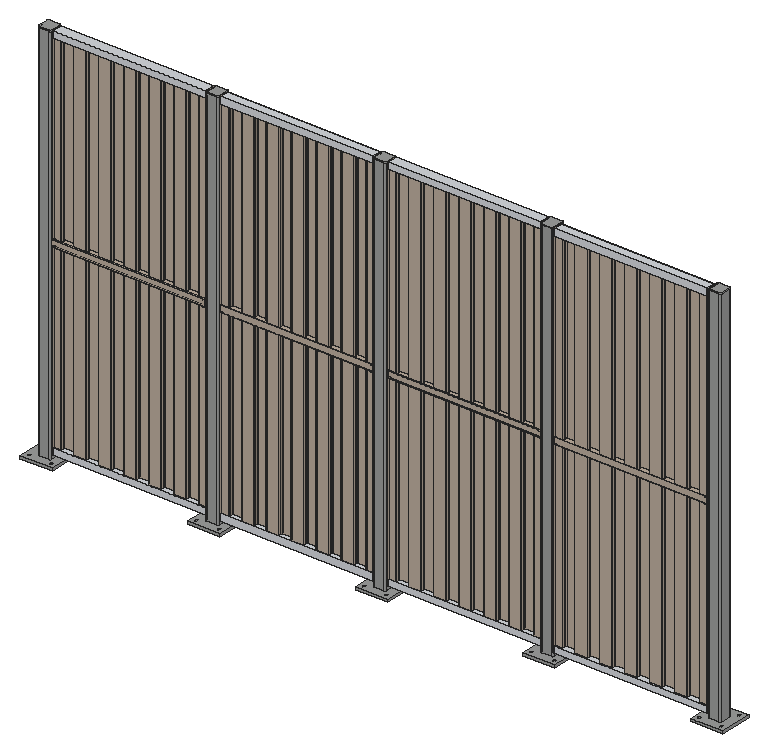
Revit family "Palmshield-Palisade-Fortress-Array", category Specialty Equipment, Revit 2025 (continued)
Definition of nested family "Nested-Pickets-Palmshield-Palisade"
  Dimensions and locks (in)
    "Width": plane 3 "Center (Left/Right)" to plane 6
    equal spacing: plane 3 "Center (Left/Right)", plane 7, plane 6
    locked: Extrusion 3 sketch curve to plane 1 "Center (Front/Back)" at 0.92114
    locked: plane 1 "Center (Front/Back)" to plane 5 at 4
    "Real Height": plane 8 to plane 5
    locked: plane 9 to plane 5 at 2
    aligned and locked: plane 2 to Extrusion 1
    aligned and locked: level to Extrusion 1
    aligned and locked: plane 1 "Center (Front/Back)" to Sweep 2 sketch curve
    aligned and locked: plane 4 to Sweep 2 sketch curve
    aligned and locked: plane 6 to Extrusion 3 sketch curve
    aligned and locked: plane 3 "Center (Left/Right)" to Extrusion 3 sketch curve
    aligned and locked: Extrusion 3 to level
    aligned and locked: plane 4 to Extrusion 3
    aligned and locked: Extrusion 3 sketch curve to plane 8
  Automatic sketch dimensions
    Extrusion 1 sketch curve to Extrusion 1 sketch curve = 8' - 0"  (x2)
    Sweep 2 sketch curve to level = 0' - 0"
Definition of nested family "Nested-Cont_Alum_Horizontal-Palmshield-Palisade"
  Parameters (values of type "CONT. ALUM FB 1/4" X 3"")
    Width = 0' - 2"  # constant formula
    Warranty URL = "https://palmshieldlouvers.com/wp-content/uploads/2020/01/PalmSHIELD-Warranty-NO-SIGN-LINE.pdf"
    Version = "2020 - v1.0a"  # constant formula
    URL = "https://palmshieldlouvers.com/"
    Thickness = 0' - 0 1/8"  # constant formula
    Product Page URL = "https://palmshieldlouvers.com/products/palisade-louvers/"
    Product Documentation Link = "https://palmshieldlouvers.com/cad-drawings/palisade-louvers/"
    Model = "Palisade"  # constant formula
    Material [instance] = none
    Manufacturer Phone Number = "531-329-4406 "  # constant formula
    Manufacturer Fax Number = "Consult Manufacturer Website for More Information"  # constant formula
    Manufacturer Email = "mailto: info@palmshieldlouvers.com"
    Manufacturer Address = "12330 Cary Circle, La Vista, NE 68128"  # constant formula
    Manufacturer = "PalmSHIELD"  # constant formula
    Length [instance] = 4' - 4.86713"
    Keynote = "05 10 00"
    ID [instance] = ""
    Height = 0' - 3"  # constant formula
    Description = "Palisade - Cont Alum"  # constant formula
    Default Elevation = 4' - 0"
    Copyright = "©2023 The American Fence Company and PalmSHIELD. All Rights Reserved."  # constant formula
    Component Name [instance] = ""
    Assembly Code = "F1020100"
  Reference planes (in)
    plane 1 "Center (Front/Back)": y = 0
    plane 2: z = 0
    plane 3 "Center (Left/Right)": x = 0
    plane 4: x = 2
    plane 5: y = -52.86713
    plane 6: z = 3
    plane 7: y = -52.86713
    plane 8: x = 1
  Forms (in)
    Extrusion 1, solid
      sketch origin (0, 0, 0) x (1, 0, 0) y (0, 1, 0)
        loop
          line (-48, 48) -> (-48, -48) -> (48, -48) -> (48, 48) -> (-48, 48)
      from 0 to -12
    Extrusion 2, solid, material <- "Material"
      sketch origin (0, 0, 0) x (1, 0, 0) y (0, 0, 1)
        loop
          arc (0.09965, 3) -> (0.02919, 2.97081) -> (0, 2.90035) r 0.09965
          line (0, 2.90035) -> (0, 0.10156)
          arc (0, 0.10156) -> (0.02975, 0.02975) -> (0.10156, 0) r 0.10156
          line (0.10156, 0) -> (1.89844, 0)
          arc (1.89844, 0) -> (1.97025, 0.02975) -> (2, 0.10156) r 0.10156
          line (2, 0.10156) -> (2, 2.89844)
          arc (2, 2.89844) -> (1.97025, 2.97025) -> (1.89844, 3) r 0.10156
          line (1.89844, 3) -> (0.09965, 3)
        loop
          line (0.125, 0.125) -> (1.875, 0.125) -> (1.875, 2.875) -> (0.125, 2.875) -> (0.125, 0.125)
      from 0 to 52.86713
  Dimensions and locks (in)
    "Width": plane 3 "Center (Left/Right)" to plane 4
    "Length": plane 1 "Center (Front/Back)" to plane 5
    "Height": plane 6 to plane 2
    "Thickness": Extrusion 2 sketch curve to plane 3 "Center (Left/Right)"
    "Thickness": plane 6 to Extrusion 2 sketch curve
    "Thickness": plane 4 to Extrusion 2 sketch curve
    "Thickness": Extrusion 2 sketch curve to plane 2
    "Length": plane 1 "Center (Front/Back)" to plane 7
    equal spacing: plane 3 "Center (Left/Right)", plane 8, plane 4
    aligned and locked: plane 2 to Extrusion 1
    aligned and locked: level to Extrusion 1
    aligned and locked: Extrusion 2 to plane 7
  Automatic sketch dimensions
    Extrusion 1 sketch curve to Extrusion 1 sketch curve = 8' - 0"  (x2)
    Extrusion 2 sketch curve to plane 3 "Center (Left/Right)" = 0' - 0"
    Extrusion 2 sketch curve to plane 6 = 0' - 0"
    Extrusion 2 sketch curve to level = 0' - 0"
    Extrusion 2 sketch curve to plane 4 = 0' - 0"
    plane 3 "Center (Left/Right)" to Extrusion 2 sketch curve = 0' - 0.09965"
    plane 3 "Center (Left/Right)" to Extrusion 2 sketch curve = 0' - 0 13/128"
    Extrusion 2 sketch curve to Extrusion 2 sketch curve = 0' - 0 3/128"
    Extrusion 2 sketch curve to plane 4 = 0' - 0 13/128"
Definition of nested family "Screening-Louver-Assembly-Post-Palmshield-Palisade"
  Parameters (values of type "4" x 4" x 1/4"")
    Width = 0' - 4"  # constant formula
    Warranty URL = "https://palmshieldlouvers.com/wp-content/uploads/2020/01/PalmSHIELD-Warranty-NO-SIGN-LINE.pdf"
    Version = "2020 - v1.0a"  # constant formula
    URL = "https://palmshieldlouvers.com/"
    Thickness = 0' - 0 1/4"  # constant formula
    Product Page URL = "https://palmshieldlouvers.com/products/palisade-louvers/"
    Product Documentation Link = "https://palmshieldlouvers.com/cad-drawings/palisade-louvers/"
    Model = "Palisade"  # constant formula
    Material [instance] = none
    Manufacturer Phone Number = "531-329-4406 "  # constant formula
    Manufacturer Fax Number = "Consult Manufacturer Website for More Information"  # constant formula
    Manufacturer Email = "mailto: info@palmshieldlouvers.com"
    Manufacturer Address = "12330 Cary Circle, La Vista, NE 68128"  # constant formula
    Manufacturer = "PalmSHIELD"  # constant formula
    Keynote = "05 10 00"
    ID [instance] = ""
    Description = "Palisade - Top Cap"  # constant formula
    Default Elevation = 4' - 0"
    Copyright = "©2023 The American Fence Company and PalmSHIELD. All Rights Reserved."  # constant formula
    Component Name [instance] = ""
    Assembly Code = "F1020100"
Definition of nested family "Screening-Louver-Assembly-Panel-Palmshield-Palisade-Fortress"
  Parameters (values of type "Assembly")
    Width [instance] = if(Desired Overall Width < C Min Width, C Min Width, if(Desired Overall Width > C Max Width, C Max Width, Desired Overall Width))  # 4' - 0"
    Warranty URL = "https://palmshieldlouvers.com/wp-content/uploads/2020/01/PalmSHIELD-Warranty-NO-SIGN-LINE.pdf"
    Version = "2020 - v1.0a"  # constant formula
    URL = "https://palmshieldlouvers.com/"
    Support Width [instance] = Width - (0' 0 1/4" * 2)  # 3' - 11 1/2"
    Support Location [instance] = (Height - Offset From Surface) / 2  # 2' - 11"
    Product Page URL = "https://palmshieldlouvers.com/products/palisade-fortress/"
    Product Documentation Link = "https://palmshieldlouvers.com/wp-content/uploads/2020/06/PS-PALISADE-FORTRESS-compressed.pdf"
    Offset From Surface = 0' - 2"  # constant formula
    Model = "Palisade Fortress"  # constant formula
    Material = none
    Manufacturer Phone Number = "531-329-4406 "  # constant formula
    Manufacturer Email = "mailto: info@palmshieldlouvers.com"
    Manufacturer Address = "12330 Cary Circle, La Vista, NE 68128"  # constant formula
    Manufacturer = "PalmSHIELD"  # constant formula
    Louver Finish = none
    Keynote = "05 10 00"
    Instruction Sheet Link = "https://palmshieldlouvers.com/wp-content/uploads/2020/01/PalmSHIELD-Post-Panel-Gate-Installation-Instructions-REV-1.pdf"
    ID [instance] = "Not Assigned"
    Horizontal Support [instance] = if(or(Height = 8' 0", Height > 8' 0"), 1 = 1, 1 = 0)  # no
    Height [instance] = if(Desired Overall Height < C Min Height, C Min Height, if(Desired Overall Height > C Max Height, C Max Height, Desired Overall Height))  # 6' - 0"
    Desired Overall Width [instance] = 4' - 0"
    Desired Overall Height [instance] = 6' - 0"
    Desired Bottom Angle [instance] = 0.00°
    Description = "Palisade Fortress - Panel Assembly"  # constant formula
    Default Elevation = 0' - 0"
    Copyright = "Copyright ©2024 The American Fence Company and PalmSHIELD. All Rights Reserved."  # constant formula
    Component Vis [instance] = yes
    Component Name [instance] = "Palisade Fortress - Panel Assembly"  # constant formula
    C Min Width [instance] = 4' - 0"  # constant formula
    C Min Height [instance] = C Min Width  # 4' - 0"
    C Max Width [instance] = 5' - 0"  # constant formula
    C Max Height [instance] = 12' - 0"  # constant formula
    C Angle [instance] = if(Desired Bottom Angle > 10.00°, 10.00°, if(Desired Bottom Angle < -10.00°, -10.00°, Desired Bottom Angle))  # 0.00°
    Assembly Code = "F1020100"
  Reference planes (in)
    plane 1 "Center (Front/Back)": y = 0
    plane 2: z = 0
    plane 3 "Center (Left/Right)": x = 0
    plane 4: z = 72
    plane 5: x = 48
    plane 6: y = 3
    plane 7: y = 1.5
    plane 8: x = 47.75
  Lines and regions (in)
    reference lines
      curve 1: line (48, 0, 96.95698) -> (48, 0, -11)
      curve 2: line (-20.8931, 0, 72) -> (71.1069, 0, 72)
  Dimensions and locks (in)
    "Desired Overall Height": curve 2 to level
    "Desired Overall Width": curve 1 to plane 3 "Center (Left/Right)"
    "Height": plane 4 to level
    "Width": plane 5 to plane 3 "Center (Left/Right)"
    equal spacing: plane 1 "Center (Front/Back)", plane 7, plane 6
    locked: plane 8 to plane 5 at 0.25
    "Support Location": plane 4 to nested 19
    aligned and locked: plane 2 to level
    aligned and locked: plane 8 to nested 19
  Automatic sketch dimensions
    curve 2 to plane 3 "Center (Left/Right)" = 1' - 8.8931"
    plane 5 to curve 2 = 1' - 11.1069"
    curve 1 to level = 0' - 11"
    plane 4 to curve 1 = 2' - 0.95698"
  Nested families (in)
    nested 1: "Panel-Palmshield-Assembly-Palisade-Fortress" at (0, 0, 0), Desired Overall Height <- "Desired Overall Height", Desired Overall Width <- "Desired Overall Width", ID <- "ID", Height <- "Height", Width <- "Width", Component Vis <- "Component Vis", type ""
      with Width 4' - 0", Louver Length 3' - 11 1/4", ID "Not Assigned", Height 6' - 0", Desired Overall Width 4' - 0", Desired Overall Height 6' - 0", Desired Bottom Angle 0.00°, Component Vis yes, Component Name "Palisade Fortress - Panel Assembly", C Top Post Length 4' - 0", C Straight Corner Angle 45.00°, C Slope Angle 0.00°, C Side Frame Width 0' - 0 7/8", C Side Adjustment 0' - 0", C Rib Thickness Bottom Offset 0' - 0", C Rib Bottom Side Offset 0' - 0", C Picket Width 3' - 11 1/2", C Picket Height 5' - 6", C Louver Offset 0' - 2", C Hip 4' - 0", C Frame Offset 0' - 0 3/8", C Corner Offset 0' - 3", C B-Side Post Length 6' - 0", C B-Side Angle 45.00°, C Angle 90.00°, C A-Side Post Length 6' - 0", C A-Side Angle 45.00°
    nested 2: "Nested-Cont_Alum-Palmshield-Palisade" at (0, 0, 72) x (0, 1, 0) z (1, 0, 0), type ""
      with Material none, Length 5' - 10", ID "Not Assigned", Component Name "Atlas - Left L-Frame"
    nested 3: "Nested-Cont_Alum-Palmshield-Palisade" at (48, 0, 2) x (0, 1, 0) z (-1, 0, 0), type ""
      with Material none, Length 5' - 10", ID "Not Assigned", Component Name "Atlas - Right L-Frame"
    nested 4: "Nested-Rect_Tube-Palmshield-Palisade" at (0.25, 3, 72) x (0, -1, 0) z (1, 0, 0), type ""
      with Material none, Length 3' - 11 1/2", ID "", Component Name ""
    nested 5: "Nested-Rect_Tube-Palmshield-Palisade" at (0.25, 3, 4) x (0, -1, 0) z (1, 0, 0), type ""
      with Material none, Length 3' - 11 1/2", ID "", Component Name ""
    nested 6: "Nested-Pickets-Palmshield-Palisade" at (41.375, 2.6875, 4) x (0, -1, 0) z (0, 0, 1), type ""
      with Real Height 0' - 4", Material none, Length 5' - 6", ID "", Height 0' - 4", Desired Cut In Place 0' - 0 1/2", Cut In Place no, Component Vis yes, Component Name "", C Hole Offset 0' - 1 1/2"
    nested 7: "Nested-Pickets-Palmshield-Palisade" at (37.5, 1.3125, 4) x (0, -1, 0) z (0, 0, 1), type ""
      with Real Height 0' - 4", Material none, Length 5' - 6", ID "", Height 0' - 4", Desired Cut In Place 0' - 0 1/2", Cut In Place no, Component Vis yes, Component Name "", C Hole Offset 0' - 1 1/2"
    nested 8: "Nested-Pickets-Palmshield-Palisade" at (29.75, 1.3125, 4) x (0, -1, 0) z (0, 0, 1), type ""
      with Real Height 0' - 4", Material none, Length 5' - 6", ID "", Height 0' - 4", Desired Cut In Place 0' - 0 1/2", Cut In Place no, Component Vis yes, Component Name "", C Hole Offset 0' - 1 1/2"
    nested 9: "Nested-Pickets-Palmshield-Palisade" at (33.625, 2.6875, 4) x (0, -1, 0) z (0, 0, 1), type ""
      with Real Height 0' - 4", Material none, Length 5' - 6", ID "", Height 0' - 4", Desired Cut In Place 0' - 0 1/2", Cut In Place no, Component Vis yes, Component Name "", C Hole Offset 0' - 1 1/2"
    nested 10: "Nested-Pickets-Palmshield-Palisade" at (25.875, 2.6875, 4) x (0, -1, 0) z (0, 0, 1), type ""
      with Real Height 0' - 4", Material none, Length 5' - 6", ID "", Height 0' - 4", Desired Cut In Place 0' - 0 1/2", Cut In Place no, Component Vis yes, Component Name "", C Hole Offset 0' - 1 1/2"
    nested 11: "Nested-Pickets-Palmshield-Palisade" at (22, 1.3125, 4) x (0, -1, 0) z (0, 0, 1), type ""
      with Real Height 0' - 4", Material none, Length 5' - 6", ID "", Height 0' - 4", Desired Cut In Place 0' - 0 1/2", Cut In Place no, Component Vis yes, Component Name "", C Hole Offset 0' - 1 1/2"
    nested 12: "Nested-Pickets-Palmshield-Palisade" at (18.125, 2.6875, 4) x (0, -1, 0) z (0, 0, 1), type ""
      with Real Height 0' - 4", Material none, Length 5' - 6", ID "", Height 0' - 4", Desired Cut In Place 0' - 0 1/2", Cut In Place no, Component Vis yes, Component Name "", C Hole Offset 0' - 1 1/2"
    nested 13: "Nested-Pickets-Palmshield-Palisade" at (14.25, 1.3125, 4) x (0, -1, 0) z (0, 0, 1), type ""
      with Real Height 0' - 4", Material none, Length 5' - 6", ID "", Height 0' - 4", Desired Cut In Place 0' - 0 1/2", Cut In Place no, Component Vis yes, Component Name "", C Hole Offset 0' - 1 1/2"
    nested 14: "Nested-Pickets-Palmshield-Palisade" at (10.375, 2.6875, 4) x (0, -1, 0) z (0, 0, 1), type ""
      with Real Height 0' - 4", Material none, Length 5' - 6", ID "", Height 0' - 4", Desired Cut In Place 0' - 0 1/2", Cut In Place no, Component Vis yes, Component Name "", C Hole Offset 0' - 1 1/2"
    nested 15: "Nested-Pickets-Palmshield-Palisade" at (6.5, 1.3125, 4) x (0, -1, 0) z (0, 0, 1), type ""
      with Real Height 0' - 4", Material none, Length 5' - 6", ID "", Height 0' - 4", Desired Cut In Place 0' - 0 1/2", Cut In Place no, Component Vis yes, Component Name "", C Hole Offset 0' - 1 1/2"
    nested 16: "Nested-Pickets-Palmshield-Palisade" at (2.625, 2.6875, 4) x (0, -1, 0) z (0, 0, 1), type ""
      with Real Height 0' - 4", Material none, Length 5' - 6", ID "", Height 0' - 4", Desired Cut In Place 0' - 0 1/2", Cut In Place no, Component Vis yes, Component Name "", C Hole Offset 0' - 1 1/2"
    nested 17: "Nested-Pickets-Palmshield-Palisade" at (-1.25, 1.3125, 4) x (0, -1, 0) z (0, 0, 1), type ""
      with Real Height 0' - 2 1/2", Material none, Length 5' - 6", ID "", Height 0' - 2 1/2", Desired Cut In Place 0' - 2 1/2", Cut In Place yes, Component Vis yes, Component Name "", C Hole Offset 0' - 1 1/2"
    nested 18: "Nested-Pickets-Palmshield-Palisade" at (49.25, 1.3125, 4) x (0, -1, 0) z (0, 0, 1), type ""
      with Real Height 0' - 2 1/2", Material none, Length 5' - 6", ID "", Height 0' - 2 1/2", Desired Cut In Place 0' - 2 1/2", Cut In Place yes, Component Vis yes, Component Name "", C Hole Offset 0' - 1 1/2"
    nested 19: "Nested-Cont_Alum_Horizontal-Palmshield-Palisade" at (0.25, 3, 36) x (0, 0, 1) z (0, -1, 0), Material <- "Louver Finish", Length <- "Support Width", visible <- "Horizontal Support", type ""
      with Material none, Length 3' - 11 1/2", ID "", Component Name ""
  Definition of nested family "Nested-Cont_Alum-Palmshield-Palisade"
    Parameters (values of type "CONT. ALUM FB 1/4" X 3"")
      Width = 0' - 3"  # constant formula
      Warranty URL = "https://palmshieldlouvers.com/wp-content/uploads/2020/01/PalmSHIELD-Warranty-NO-SIGN-LINE.pdf"
      Version = "2020 - v1.0a"  # constant formula
      URL = "https://palmshieldlouvers.com/"
      Thickness = 0' - 0 1/4"  # constant formula
      Product Page URL = "https://palmshieldlouvers.com/products/palisade-louvers/"
      Product Documentation Link = "https://palmshieldlouvers.com/cad-drawings/palisade-louvers/"
      Model = "Palisade"  # constant formula
      Material [instance] = none
      Manufacturer Phone Number = "531-329-4406 "  # constant formula
      Manufacturer Fax Number = "Consult Manufacturer Website for More Information"  # constant formula
      Manufacturer Email = "mailto: info@palmshieldlouvers.com"
      Manufacturer Address = "12330 Cary Circle, La Vista, NE 68128"  # constant formula
      Manufacturer = "PalmSHIELD"  # constant formula
      Length [instance] = 4' - 4.86713"
      Keynote = "05 10 00"
      ID [instance] = ""
      Height = 0' - 0 1/4"  # constant formula
      Description = "Palisade - Cont Alum"  # constant formula
      Default Elevation = 4' - 0"
      Copyright = "©2023 The American Fence Company and PalmSHIELD. All Rights Reserved."  # constant formula
      Component Name [instance] = ""
      Assembly Code = "F1020100"
    Reference planes (in)
      plane 1 "Center (Front/Back)": y = 0
      plane 2: z = 0
      plane 3 "Center (Left/Right)": x = 0
      plane 4: x = 3
      plane 5: y = -52.86713
      plane 6: z = 0.25
    Forms (in)
      Extrusion 1, solid
        sketch origin (0, 0, 0) x (1, 0, 0) y (0, 1, 0)
          loop
            line (-48, 48) -> (-48, -48) -> (48, -48) -> (48, 48) -> (-48, 48)
        from 0 to -12
      Sweep 2, solid, material <- "Material"
        path origin (0, 0, 0) x (0, 1, 0) y (0, 0, 1)
          loop
            line (0, 0) -> (-52.86713, 0)
        profile "Profile-Palmshield-Cont_Alum : CONT. ALUM FB 1/4" X 3"" origin (0, -26.43357, 0) x (0, 0, -1) y (1, 0, 0)
          loop
            line (0, 0) -> (0, 3) -> (-0.25, 3) -> (-0.25, 0) -> (0, 0)
    Dimensions and locks (in)
      "Width": plane 3 "Center (Left/Right)" to plane 4
      "Length": plane 1 "Center (Front/Back)" to plane 5
      "Height": plane 6 to plane 2
      aligned and locked: plane 2 to Extrusion 1
      aligned and locked: level to Extrusion 1
      aligned and locked: plane 1 "Center (Front/Back)" to Sweep 2 sketch curve
      aligned and locked: plane 5 to Sweep 2 sketch curve
    Automatic sketch dimensions
      Extrusion 1 sketch curve to Extrusion 1 sketch curve = 8' - 0"  (x2)
      Sweep 2 sketch curve to level = 0' - 0"
  Definition of nested family "Nested-Rect_Tube-Palmshield-Palisade"
    Parameters (values of type "ALUM RECT TUBE 2" X 3" X 1/8"")
      Width = 0' - 3"  # constant formula
      Warranty URL = "https://palmshieldlouvers.com/wp-content/uploads/2020/01/PalmSHIELD-Warranty-NO-SIGN-LINE.pdf"
      Version = "2020 - v1.0a"  # constant formula
      URL = "https://palmshieldlouvers.com/"
      Thickness = 0' - 0 1/8"  # constant formula
      Product Page URL = "https://palmshieldlouvers.com/products/palisade-louvers/"
      Product Documentation Link = "https://palmshieldlouvers.com/cad-drawings/palisade-louvers/"
      Model = "Palisade"  # constant formula
      Material [instance] = none
      Manufacturer Phone Number = "531-329-4406 "  # constant formula
      Manufacturer Fax Number = "Consult Manufacturer Website for More Information"  # constant formula
      Manufacturer Email = "mailto: info@palmshieldlouvers.com"
      Manufacturer Address = "12330 Cary Circle, La Vista, NE 68128"  # constant formula
      Manufacturer = "PalmSHIELD"  # constant formula
      Length [instance] = 4' - 4.86713"
      Keynote = "05 10 00"
      ID [instance] = ""
      Height = 0' - 2"  # constant formula
      Description = "Palisade - Rect Tube"  # constant formula
      Default Elevation = 4' - 0"
      Copyright = "©2023 The American Fence Company and PalmSHIELD. All Rights Reserved."  # constant formula
      Component Name [instance] = ""
      C Hole Offset = 0' - 1 1/2"  # constant formula
      Assembly Code = "F1020100"
    Reference planes (in)
      plane 1 "Center (Front/Back)": y = 0
      plane 2: z = 0
      plane 3 "Center (Left/Right)": x = 0
      plane 4: z = 52.86713
      plane 5: y = 2
      plane 6: x = 3
      plane 7: x = 1.5
      plane 8: y = 1
    Forms (in)
      Extrusion 1, solid
        sketch origin (0, 0, 0) x (1, 0, 0) y (0, 1, 0)
          loop
            line (-48, 48) -> (-48, -48) -> (48, -48) -> (48, 48) -> (-48, 48)
        from 0 to -12
      Sweep 2, solid, material <- "Material"
        path origin (0, 0, 0) x (0, 1, 0) y (0, 0, 1)
          loop
            line (0, 0) -> (0, 52.86713)
        profile "Profile-Palmshield-Rect_Tube : ALUM RECT TUBE 2" X 3" X 1/8"" origin (0, 0, 26.43357) x (0, -1, 0) y (1, 0, 0)
          loop
            line (-1.875, 0.125) -> (-0.125, 0.125) -> (-0.125, 2.875) -> (-1.875, 2.875) -> (-1.875, 0.125)
          loop
            line (0, 0) -> (0, 3) -> (-2, 3) -> (-2, 0) -> (0, 0)
    Dimensions and locks (in)
      "Length": plane 4 to plane 2
      "Height": plane 5 to plane 1 "Center (Front/Back)"
      "Width": plane 3 "Center (Left/Right)" to plane 6
      equal spacing: plane 3 "Center (Left/Right)", plane 7, plane 6
      equal spacing: plane 1 "Center (Front/Back)", plane 8, plane 5
      aligned and locked: plane 2 to Extrusion 1
      aligned and locked: level to Extrusion 1
      aligned and locked: plane 1 "Center (Front/Back)" to Sweep 2 sketch curve
      aligned and locked: plane 4 to Sweep 2 sketch curve
    Automatic sketch dimensions
      Extrusion 1 sketch curve to Extrusion 1 sketch curve = 8' - 0"  (x2)
      Sweep 2 sketch curve to level = 0' - 0"
  Definition of nested family "Nested-Pickets-Palmshield-Palisade"
    Parameters (values of type "ALUM RECT TUBE PICKETS 1" X 4" X 1/8"")
      Width = 0' - 1"  # constant formula
      Warranty URL = "https://palmshieldlouvers.com/wp-content/uploads/2020/01/PalmSHIELD-Warranty-NO-SIGN-LINE.pdf"
      Version = "2020 - v1.0a"  # constant formula
      URL = "https://palmshieldlouvers.com/"
      Thickness = 0' - 0 1/8"  # constant formula
      Product Page URL = "https://palmshieldlouvers.com/products/palisade-louvers/"
      Product Documentation Link = "https://palmshieldlouvers.com/cad-drawings/palisade-louvers/"
      Model = "Palisade"  # constant formula
      Material [instance] = none
      Manufacturer Phone Number = "531-329-4406 "  # constant formula
      Manufacturer Fax Number = "Consult Manufacturer Website for More Information"  # constant formula
      Manufacturer Email = "mailto: info@palmshieldlouvers.com"
      Manufacturer Address = "12330 Cary Circle, La Vista, NE 68128"  # constant formula
      Manufacturer = "PalmSHIELD"  # constant formula
      Length [instance] = 4' - 4.86713"
      Keynote = "05 10 00"
      ID [instance] = ""
      Height [instance] = Real Height  # 0' - 4"
      Desired Cut In Place [instance] = 0' - 2"
      Description = "Palisade - Pickets"  # constant formula
      Default Elevation = 4' - 0"
      Cut In Place [instance] = no
      Copyright = "©2023 The American Fence Company and PalmSHIELD. All Rights Reserved."  # constant formula
      Component Vis [instance] = yes
      Component Name [instance] = ""
      Real Height [instance] = if(and(Cut In Place, Desired Cut In Place < 0' 4", Desired Cut In Place > Thickness), Desired Cut In Place, 0' 4")  # 0' - 4"
      C Hole Offset [instance] = 0' - 1 1/2"  # constant formula
      Assembly Code = "F1020100"
    Reference planes (in)
      plane 1 "Center (Front/Back)": y = 0
      plane 2: z = 0
      plane 3 "Center (Left/Right)": x = 0
      plane 4: z = 52.86713
      plane 5: y = 4
      plane 6: x = 1
      plane 7: x = 0.5
      plane 8: y = 0
      plane 9: y = 2
    Forms (in)
      Extrusion 1, solid
        sketch origin (0, 0, 0) x (1, 0, 0) y (0, 1, 0)
          loop
            line (-48, 48) -> (-48, -48) -> (48, -48) -> (48, 48) -> (-48, 48)
        from 0 to -12
      Sweep 2, solid, material <- "Material", visible <- "Component Vis"
        path origin (0, 0, 0) x (0, 1, 0) y (0, 0, 1)
          loop
            line (0, 0) -> (0, 52.86713)
        profile "Profile-Palmshield-Louver : ALUM RECT TUBE PICKETS 1" X 4" X 1/8"" origin (0, 0, 26.43357) x (0, -1, 0) y (1, 0, 0)
          loop
            line (-3.875, 0.875) -> (-3.875, 0.125) -> (-0.125, 0.125) -> (-0.125, 0.875) -> (-3.875, 0.875)
          loop
            line (-0.125, 1) -> (-3.875, 1)
            arc (-3.875, 1) -> (-3.96339, 0.96339) -> (-4, 0.875) r 0.125
            line (-4, 0.875) -> (-4, 0.125)
            arc (-4, 0.125) -> (-3.96339, 0.03661) -> (-3.875, 0) r 0.125
            line (-3.875, 0) -> (-0.125, 0)
            arc (-0.125, 0) -> (-0.03661, 0.03661) -> (0, 0.125) r 0.125
            line (0, 0.125) -> (0, 0.875)
            arc (0, 0.875) -> (-0.03661, 0.96339) -> (-0.125, 1) r 0.125
      Extrusion 3, void
        sketch origin (0, 0, 0) x (1, 0, 0) y (0, 1, 0)
          loop
            line (1, -0.92114) -> (1, 0) -> (0, 0) -> (0, -0.92114) -> (1, -0.92114)
        from 0 to 52.86713
    Cuts and joins
      Extrusion 3 cuts Sweep 2
    Dimensions and locks (in)
      "Length": plane 4 to plane 2
      "Width": plane 3 "Center (Left/Right)" to plane 6
      equal spacing: plane 3 "Center (Left/Right)", plane 7, plane 6
      locked: Extrusion 3 sketch curve to plane 1 "Center (Front/Back)" at 0.92114
      locked: plane 1 "Center (Front/Back)" to plane 5 at 4
      "Real Height": plane 8 to plane 5
      locked: plane 9 to plane 5 at 2
      aligned and locked: plane 2 to Extrusion 1
      aligned and locked: level to Extrusion 1
      aligned and locked: plane 1 "Center (Front/Back)" to Sweep 2 sketch curve
      aligned and locked: plane 4 to Sweep 2 sketch curve
      aligned and locked: plane 6 to Extrusion 3 sketch curve
      aligned and locked: plane 3 "Center (Left/Right)" to Extrusion 3 sketch curve
      aligned and locked: Extrusion 3 to level
      aligned and locked: plane 4 to Extrusion 3
      aligned and locked: Extrusion 3 sketch curve to plane 8
    Automatic sketch dimensions
      Extrusion 1 sketch curve to Extrusion 1 sketch curve = 8' - 0"  (x2)
      Sweep 2 sketch curve to level = 0' - 0"
  Definition of nested family "Nested-Cont_Alum_Horizontal-Palmshield-Palisade"
    Parameters (values of type "CONT. ALUM FB 1/4" X 3"")
      Width = 0' - 2"  # constant formula
      Warranty URL = "https://palmshieldlouvers.com/wp-content/uploads/2020/01/PalmSHIELD-Warranty-NO-SIGN-LINE.pdf"
      Version = "2020 - v1.0a"  # constant formula
      URL = "https://palmshieldlouvers.com/"
      Thickness = 0' - 0 1/8"  # constant formula
      Product Page URL = "https://palmshieldlouvers.com/products/palisade-louvers/"
      Product Documentation Link = "https://palmshieldlouvers.com/cad-drawings/palisade-louvers/"
      Model = "Palisade"  # constant formula
      Material [instance] = none
      Manufacturer Phone Number = "531-329-4406 "  # constant formula
      Manufacturer Fax Number = "Consult Manufacturer Website for More Information"  # constant formula
      Manufacturer Email = "mailto: info@palmshieldlouvers.com"
      Manufacturer Address = "12330 Cary Circle, La Vista, NE 68128"  # constant formula
      Manufacturer = "PalmSHIELD"  # constant formula
      Length [instance] = 4' - 4.86713"
      Keynote = "05 10 00"
      ID [instance] = ""
      Height = 0' - 3"  # constant formula
      Description = "Palisade - Cont Alum"  # constant formula
      Default Elevation = 4' - 0"
      Copyright = "©2023 The American Fence Company and PalmSHIELD. All Rights Reserved."  # constant formula
      Component Name [instance] = ""
      Assembly Code = "F1020100"
    Reference planes (in)
      plane 1 "Center (Front/Back)": y = 0
      plane 2: z = 0
      plane 3 "Center (Left/Right)": x = 0
      plane 4: x = 2
      plane 5: y = -52.86713
      plane 6: z = 3
      plane 7: y = -52.86713
      plane 8: x = 1
    Forms (in)
      Extrusion 1, solid
        sketch origin (0, 0, 0) x (1, 0, 0) y (0, 1, 0)
          loop
            line (-48, 48) -> (-48, -48) -> (48, -48) -> (48, 48) -> (-48, 48)
        from 0 to -12
      Extrusion 2, solid, material <- "Material"
        sketch origin (0, 0, 0) x (1, 0, 0) y (0, 0, 1)
          loop
            arc (0.09965, 3) -> (0.02919, 2.97081) -> (0, 2.90035) r 0.09965
            line (0, 2.90035) -> (0, 0.10156)
            arc (0, 0.10156) -> (0.02975, 0.02975) -> (0.10156, 0) r 0.10156
            line (0.10156, 0) -> (1.89844, 0)
            arc (1.89844, 0) -> (1.97025, 0.02975) -> (2, 0.10156) r 0.10156
            line (2, 0.10156) -> (2, 2.89844)
            arc (2, 2.89844) -> (1.97025, 2.97025) -> (1.89844, 3) r 0.10156
            line (1.89844, 3) -> (0.09965, 3)
          loop
            line (0.125, 0.125) -> (1.875, 0.125) -> (1.875, 2.875) -> (0.125, 2.875) -> (0.125, 0.125)
        from 0 to 52.86713
    Dimensions and locks (in)
      "Width": plane 3 "Center (Left/Right)" to plane 4
      "Length": plane 1 "Center (Front/Back)" to plane 5
      "Height": plane 6 to plane 2
      "Thickness": Extrusion 2 sketch curve to plane 3 "Center (Left/Right)"
      "Thickness": plane 6 to Extrusion 2 sketch curve
      "Thickness": plane 4 to Extrusion 2 sketch curve
      "Thickness": Extrusion 2 sketch curve to plane 2
      "Length": plane 1 "Center (Front/Back)" to plane 7
      equal spacing: plane 3 "Center (Left/Right)", plane 8, plane 4
      aligned and locked: plane 2 to Extrusion 1
      aligned and locked: level to Extrusion 1
      aligned and locked: Extrusion 2 to plane 7
    Automatic sketch dimensions
      Extrusion 1 sketch curve to Extrusion 1 sketch curve = 8' - 0"  (x2)
      Extrusion 2 sketch curve to plane 3 "Center (Left/Right)" = 0' - 0"
      Extrusion 2 sketch curve to plane 6 = 0' - 0"
      Extrusion 2 sketch curve to level = 0' - 0"
      Extrusion 2 sketch curve to plane 4 = 0' - 0"
      plane 3 "Center (Left/Right)" to Extrusion 2 sketch curve = 0' - 0.09965"
      plane 3 "Center (Left/Right)" to Extrusion 2 sketch curve = 0' - 0 13/128"
      Extrusion 2 sketch curve to Extrusion 2 sketch curve = 0' - 0 3/128"
      Extrusion 2 sketch curve to plane 4 = 0' - 0 13/128"
